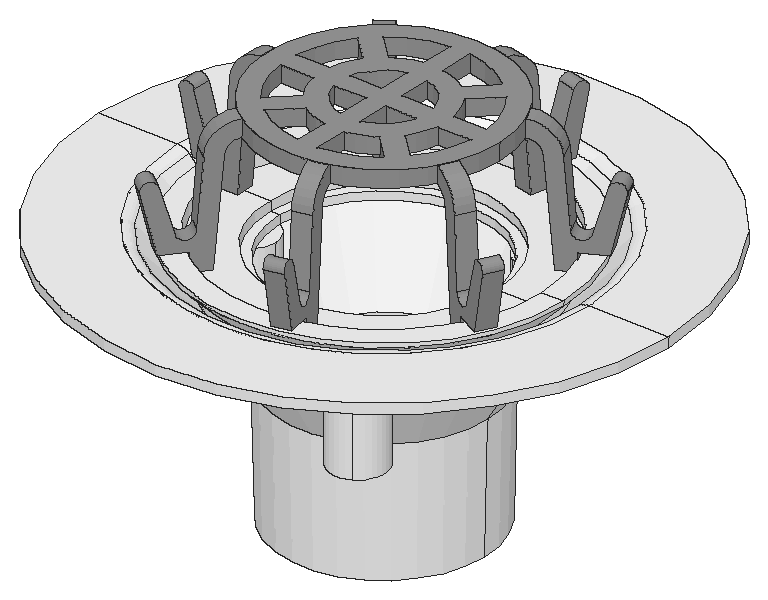
Revit family "3100.175", category Plumbing Fixtures, Revit 2016
Family settings
  Part Type = Normal
  Round Connector Dimension = Use Diameter
  OmniClass Number = 23.45.00.00
  OmniClass Title = Sanitary, Laundry, and Cleaning Equipment
  Work Plane-Based = No
  Always vertical = Yes
  Cut with Voids When Loaded = No
  Shared = No
  Room Calculation Point = No
Parameters (values of type "3100.175")
  Waste Connection = yes
  Vent Connection = yes
  URL = "www.aquaknight.co.nz"
  Phone = "+6498322214"  # constant formula
  Model = "3100.175"
  Manufacturer = "Aquanight Industries Ltd"  # constant formula
  HW Connection = no
  Email = "info@aquaknight.co.nz"  # constant formula
  Description = "Roof Drain BD BE65 DN65x65"
  CW Connection = no
Reference planes
  plane 1 "Center (Front/Back)": y = 0
  plane 2: z = 0
  plane 3 "Center (Left/Right)": x = 0
  plane 4: z = -45
Forms (mm)
  Revolve 1, solid, material "Plastic, Glossy White"
    sketch origin (0, 0, -4) x (1, 0, 0) y (0, 0, 1)
      loop
        line (48.12, -13.121) -> (62.243, 1) -> (87.243, 1) -> (87.243, 4) -> (62.948, 4)
        arc (62.948, 4) -> (61.148, 3.642) -> (59.623, 2.623) r 4.703
        line (59.623, 2.623) -> (45.999, -11) -> (29.438, -36.526) -> (28.5, -76.121) -> (31, -76.121) -> (31.9, -38.121) -> (48.12, -13.121)
      loop
        line (31.75, -6.982) -> (47.015, -6.982) -> (55.225, 1.228) -> (55.225, 2.453) -> (48.5, 2.453) -> (48.5, -1.497) -> (34.75, -1.497) -> (34.75, -4.497) -> (31.75, -4.497) -> (31.75, -6.982)
      axis (0, 4) -> (0, -76.121)
    angle from 0 to 360
  Extrusion 2, solid, material "Stainless Steel", detail levels fine
    sketch origin (0, 0, -4) x (1, 0, 0) y (0, 1, 0)
      loop
        line (2.98, 2.98) -> (12.833, 2.98)
        arc (12.833, 2.98) -> (9.316, 9.316) -> (2.98, 12.833) r 13.175
        line (2.98, 12.833) -> (2.98, 2.98)
      loop
        line (2.98, 29.245) -> (2.98, 19.037)
        arc (2.98, 19.037) -> (7.374, 17.802) -> (11.354, 15.568) r 19.269
        line (11.354, 15.568) -> (18.573, 22.786)
        arc (18.573, 22.786) -> (11.25, 27.159) -> (2.98, 29.245) r 29.396
      loop
        arc (29.245, 2.98) -> (27.159, 11.25) -> (22.786, 18.573) r 29.396
        line (22.786, 18.573) -> (15.568, 11.354)
        arc (15.568, 11.354) -> (17.802, 7.374) -> (19.037, 2.98) r 19.269
        line (19.037, 2.98) -> (29.245, 2.98)
      loop
        line (-2.98, 2.98) -> (-2.98, 12.833)
        arc (-2.98, 12.833) -> (-9.316, 9.316) -> (-12.833, 2.98) r 13.175
        line (-12.833, 2.98) -> (-2.98, 2.98)
      loop
        arc (-2.98, 29.245) -> (-11.25, 27.159) -> (-18.573, 22.786) r 29.396
        line (-18.573, 22.786) -> (-11.354, 15.568)
        arc (-11.354, 15.568) -> (-7.374, 17.802) -> (-2.98, 19.037) r 19.269
        line (-2.98, 19.037) -> (-2.98, 29.245)
      loop
        line (-29.245, 2.98) -> (-19.037, 2.98)
        arc (-19.037, 2.98) -> (-17.802, 7.374) -> (-15.568, 11.354) r 19.269
        line (-15.568, 11.354) -> (-22.786, 18.573)
        arc (-22.786, 18.573) -> (-27.159, 11.25) -> (-29.245, 2.98) r 29.396
      loop
        line (2.98, -2.98) -> (2.98, -12.833)
        arc (2.98, -12.833) -> (9.316, -9.316) -> (12.833, -2.98) r 13.175
        line (12.833, -2.98) -> (2.98, -2.98)
      loop
        arc (2.98, -29.245) -> (11.25, -27.159) -> (18.573, -22.786) r 29.396
        line (18.573, -22.786) -> (11.354, -15.568)
        arc (11.354, -15.568) -> (7.374, -17.802) -> (2.98, -19.037) r 19.269
        line (2.98, -19.037) -> (2.98, -29.245)
      loop
        line (29.245, -2.98) -> (19.037, -2.98)
        arc (19.037, -2.98) -> (17.802, -7.374) -> (15.568, -11.354) r 19.269
        line (15.568, -11.354) -> (22.786, -18.573)
        arc (22.786, -18.573) -> (27.159, -11.25) -> (29.245, -2.98) r 29.396
      loop
        line (-2.98, -2.98) -> (-12.833, -2.98)
        arc (-12.833, -2.98) -> (-9.316, -9.316) -> (-2.98, -12.833) r 13.175
        line (-2.98, -12.833) -> (-2.98, -2.98)
      loop
        line (-2.98, -29.245) -> (-2.98, -19.037)
        arc (-2.98, -19.037) -> (-7.374, -17.802) -> (-11.354, -15.568) r 19.269
        line (-11.354, -15.568) -> (-18.573, -22.786)
        arc (-18.573, -22.786) -> (-11.25, -27.159) -> (-2.98, -29.245) r 29.396
      loop
        arc (-29.245, -2.98) -> (-27.159, -11.25) -> (-22.786, -18.573) r 29.396
        line (-22.786, -18.573) -> (-15.568, -11.354)
        arc (-15.568, -11.354) -> (-17.802, -7.374) -> (-19.037, -2.98) r 19.269
        line (-19.037, -2.98) -> (-29.245, -2.98)
      loop
        circle (0, 0) r 35.51
    from 34 to 39
  Extrusion 3, solid, material "Plastic, Glossy White", detail levels medium+fine
    sketch origin (0, 0, -4) x (1, 0, 0) y (0, 1, 0)
      loop
        circle (-41.315, 0) r 8.2
      loop
        circle (20.657, 35.78) r 8.2
      loop
        circle (20.657, -35.78) r 8.2
    from -38.379 to -12.5
  Revolve 4, solid, material "Stainless Steel", detail levels coarse+medium
    sketch origin (0, 0, -4) x (1, 0, 0) y (0, 0, 1)
      loop
        line (0, 39) -> (-34.92, 39)
        arc (-34.92, 39) -> (-41.708, 36.342) -> (-44.889, 29.782) r 10
        line (-44.889, 29.782) -> (-46.453, 9.846)
        arc (-46.453, 9.846) -> (-48.885, 7.338) -> (-51.803, 9.26) r 2.739
        line (-51.803, 9.26) -> (-55.898, 22.651)
        arc (-55.898, 22.651) -> (-58.721, 24.218) -> (-60.388, 21.452) r 2.325
        line (-60.388, 21.452) -> (-56.359, 4) -> (-48.288, 4) -> (-48.288, -1.497) -> (-42.598, -1.497) -> (-39.892, 29.436)
        arc (-39.892, 29.436) -> (-38.289, 32.686) -> (-34.911, 34) r 5
        line (-34.911, 34) -> (0, 34) -> (0, 39)
      axis (0, 39) -> (0, -1.497)
    angle from 0 to 360
Lines and regions (mm)
  model lines, detail levels medium+fine
    curve 1: circle (-79.478, 0, 0) r 4.5 normal (0, 0, 1)
    curve 2: circle (39.621, 68.626, 0) r 4.5 normal (0, 0, 1)
    curve 3: circle (39.621, -68.626, 0) r 4.5 normal (0, 0, 1)
Dimensions and locks
  level to plane 4 = 45 mm
  locked: connector elem to plane 1 "Center (Front/Back)" at 0
  locked: connector elem to plane 3 "Center (Left/Right)" at 0
  aligned and locked: level to plane 2
  aligned and locked: Revolve 1 sketch curve to level
  aligned and locked: Revolve 4 sketch curve to Revolve 4 sketch curve
  aligned and locked: plane 2 to Revolve 4 sketch curve
Nested families
  nested 1: "hook" at (0, 0, 0), type "175"
  nested 2: "hook" at (0, 0, 0) x (0.6235, -0.7818, 0) z (0, 0, 1), type "175"
  nested 3: "hook" at (0, 0, 0) x (-0.2225, -0.9749, 0) z (0, 0, 1), type "175"
  nested 4: "hook" at (0, 0, 0) x (-0.901, -0.4339, 0) z (0, 0, 1), type "175"
  nested 5: "hook" at (0, 0, 0) x (-0.901, 0.4338, 0) z (0, 0, 1), type "175"
  nested 6: "hook" at (0, 0, 0) x (-0.2226, 0.9749, 0) z (0, 0, 1), type "175"
  nested 7: "hook" at (0, 0, 0) x (0.6234, 0.7819, 0) z (0, 0, 1), type "175"
Connectors
  piping at (0, 0, -45), diameter 65
    settings: on plane 4, index 1, connector inside diameter 609.6 mm, connector length 0 mm, flow factor 0, pipe flow 0.0 L/s, pressure drop 0.0 Pa, fitting loss kfactor 0, connector angle 0.00°, fixture units 0, engagement length 0 mm, angle of deflection 0.00°, flow configuration 0, flow direction 0, fitting loss method 0, system type 28, joint type 0, gender type 0, connector reference index -1, connector utility 0, adjustable connector no, is connector primary yes, connector description ""
Definition of nested family "hook"
  Parameters (values of type "230")
    Waste Connection = yes
    Vent Connection = yes
    URL = ""
    Model = ""
    Manufacturer = ""
    HW Connection = no
    Description = ""
    CW Connection = no
  Reference planes
    plane 1 "Center (Front/Back)": y = 0
    plane 2: z = 0
    plane 3 "Center (Left/Right)": x = 0
  Forms (mm)
    Extrusion 1, solid, detail levels fine
      sketch origin (0, 0, 0) x (1, 0, 0) y (0, 0, 1)
        loop
          arc (-55.898, 18.651) -> (-58.721, 20.218) -> (-60.388, 17.452) r 2.325
          line (-60.388, 17.452) -> (-56.359, 0) -> (-48.288, 0) -> (-48.288, -5.497) -> (-42.598, -5.497) -> (-39.892, 25.436)
          arc (-39.892, 25.436) -> (-38.504, 28.477) -> (-35.51, 29.964) r 5
          line (-35.51, 29.964) -> (-35.51, 34.983)
          arc (-35.51, 34.983) -> (-41.922, 32.139) -> (-44.889, 25.782) r 10
          line (-44.889, 25.782) -> (-46.453, 5.846)
          arc (-46.453, 5.846) -> (-48.885, 3.338) -> (-51.803, 5.26) r 2.739
          line (-51.803, 5.26) -> (-55.898, 18.651)
      from -2.8 to 2.8
  Dimensions and locks
    aligned and locked: level to plane 2
